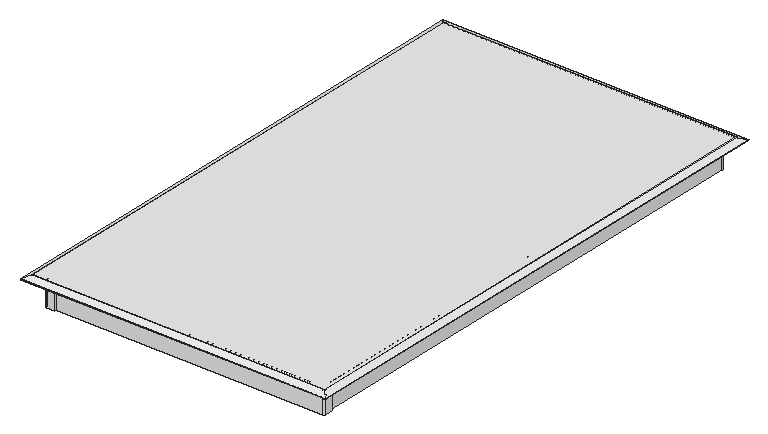
Revit family "Access_Door-Best Access Doors-Contour-BA-UHF-MAG", category Specialty Equipment, host Face, Revit 2017
Family settings
  Host = Face
  Round Connector Dimension = Use Diameter
  Part Type = Normal
  OmniClass Number = 23.30.10.27.17
  Cut with Voids When Loaded = No
  Shared = No
  Room Calculation Point = No
Parameters (values of type "Not a Type - Load Type Catalog")
  Width = 16"
  Version = "2015 V1.0m"  # constant formula
  URL = "http://www.bestaccessdoors.com"
  Type Comments = "Please Load Accompanying .txt File"
  Product data url = "https://bimobject.com/best-access-doors/product/aesthetic-access-door-with-magnetic-flange-drywall"
  Product Page URL = ""
  Product Documentation Link = ""
  Panel Swing [instance] = if(Door Open, 90.00°, 0.00°)  # 0.00°
  Neoprene Gasket Material = Neoprene - Best Access Doors -  Gasket
  Neoprene Gasket = no
  Model = "BA-UHF-MAG"  # constant formula
  Material = ""
  Manufacturer = "Best Access Doors"  # constant formula
  Height = 29"
  Frame Depth = 1 113/256"  # constant formula
  Finish = Metal - Best Access Doors - Powder Coated White
  Width C = if(Width < 6", 6", if(Width > 48", 48", Width))  # 16"
  Door Open [instance] = no
  Height C = if(Height < 6", 6", if(Height > 72", 72", Height))  # 29"
  Door Closed [instance] = not(Door Open)  # yes
  Description = "Access door with hidden Flange & Latch"  # constant formula
  Default Elevation = 0"
  Cut Out Length [instance] = 2"
  Construction Material = Metal - Best Access Doors - Aluminum
  C Cut Out Length [instance] = if(Cut Out Length < Frame Depth, Frame Depth, Cut Out Length)  # 2"
  Available Options = ""
  Assembly Code = "C1020700"
  Actual Width = Width C  # 16"
  Actual Height = Height C  # 29"
Reference planes (in)
  plane 1 "Center (Front/Back)": y = 0
  plane 2 "Back": z = 0
  plane 3 "Center (Left/Right)": x = 0
  plane 4 "Left": x = -8.90625
  plane 5 "Right": x = 8.90625
  plane 6 "Top": y = 15.40625
  plane 7 "Bottom": y = -15.40625
  plane 8: z = 11.8125
  plane 9: z = -2
  plane 10: z = -1.44141
  plane 11: x = 8
  plane 12: x = -8
  plane 13: y = -14.5
  plane 14: y = 14.5
Forms (in)
  Extrusion 1, void
    sketch origin (0, 0, 0) x (1, 0, 0) y (0, 1, 0)
      loop
        line (-8.0625, 14.5625) -> (-8.0625, -14.5625) -> (8.0625, -14.5625) -> (8.0625, 14.5625) -> (-8.0625, 14.5625)
    from -2 to 0
Lines and regions (in)
  Masking region 1
    outline origin (0, 0, 0) x (0, 1, 0) y (0, 0, 1)
      loop
        line (14.5, 0) -> (-14.5, 0) -> (-14.5, -1.44141) -> (14.5, -1.44141) -> (14.5, 0)
  reference lines
    curve 1: line (-8.90625, 0, 0) -> (4.84375, 0, 0)
    curve 2: line (-8.90625, 0, 0) -> (-8.90625, 0, -0.0317)
Dimensions and locks (in)
  "C Cut Out Length": plane 2 "Back" to plane 9
  "Frame Depth": level to plane 10
  equal spacing: plane 4 "Left", plane 3 "Center (Left/Right)", plane 5 "Right"
  equal spacing: plane 6 "Top", plane 1 "Center (Front/Back)", plane 7 "Bottom"
  locked: plane 6 "Top" to plane 14 at 0.90625
  locked: plane 4 "Left" to plane 12 at 0.90625
  equal spacing: plane 13, plane 1 "Center (Front/Back)", plane 14
  equal spacing: plane 12, plane 3 "Center (Left/Right)", plane 11
  "Height C": plane 14 to plane 13
  "Width C": plane 12 to plane 11
  locked: Extrusion 1 sketch curve to plane 14 at 0.0625
  locked: Extrusion 1 sketch curve to plane 12 at 0.0625
  locked: Extrusion 1 sketch curve to plane 13 at 0.0625
  locked: plane 11 to Extrusion 1 sketch curve at 0.0625
  "Panel Swing": angle level to curve 1
  locked: curve 2 to curve 1 (angle 90.00°)
  aligned and locked: plane 2 "Back" to host face
  aligned and locked: level to host face
  aligned and locked: plane 2 "Back" to Extrusion 1
  aligned and locked: Extrusion 1 to plane 9
  aligned and locked: plane 1 "Center (Front/Back)" to nested 1
  aligned and locked: plane 3 "Center (Left/Right)" to nested 1
  aligned and locked: curve 1 to nested 2
  aligned and locked: plane 1 "Center (Front/Back)" to nested 2
  aligned and locked: nested 2 to curve 2
  aligned and locked: Masking region 1 sketch curve to plane 10
  aligned and locked: Masking region 1 sketch curve to plane 13
  aligned and locked: Masking region 1 sketch curve to plane 14
  aligned and locked: Masking region 1 sketch curve to level
Automatic sketch dimensions
  host sketch curve to host sketch curve = 96"  (x2)
  curve 2 to plane 4 "Left" = 0"
  curve 2 to level = 0"
Nested families (in)
  nested 1: "Frame" at (0, 0, 0), type "Frame"
  nested 2: "CTR_Panel" at (-8.90625, 0, 0), type "CTR_Panel"
Definition of nested family "Frame"
  Parameters (values of type "Frame")
    Magnet = none
    Frame Width = 16"
    Frame Height = 29"
    Frame Depth = 1 113/256"
    Finish = none
    Assembly Code = ""
  Reference planes (in)
    plane 1 "Center (Front/Back)": y = 0
    plane 2: z = 0
    plane 3 "Center (Left/Right)": x = 0
    plane 4: y = 15.07801
    plane 5: y = -15.07801
    plane 6: x = -8.57801
    plane 7: x = 8.57801
    plane 8: y = 14.5
    plane 9: y = -14.5
    plane 10: y = 1.5
    plane 11: y = -1.5
    plane 12: z = 0.08622
    plane 13: z = -1.44141
    plane 14: x = -8
    plane 15: x = 8
  Forms (in)
    Extrusion 1, solid, material <- "Finish"
      sketch origin (0, 0, 0) x (1, 0, 0) y (0, 1, 0)
        loop
          line (-8.57801, 14.82801) -> (-8.57801, -14.82801)
          arc (-8.57801, -14.82801) -> (-8.50478, -15.00479) -> (-8.32801, -15.07801) r 0.25
          line (-8.32801, -15.07801) -> (8.32801, -15.07801)
          arc (8.32801, -15.07801) -> (8.50478, -15.00479) -> (8.57801, -14.82801) r 0.25
          line (8.57801, -14.82801) -> (8.57801, 14.82799)
          arc (8.57801, 14.82799) -> (8.50478, 15.00478) -> (8.32799, 15.07801) r 0.25002
          line (8.32799, 15.07801) -> (-8.32801, 15.07801)
          arc (-8.32801, 15.07801) -> (-8.50478, 15.00479) -> (-8.57801, 14.82801) r 0.25
        loop
          line (-8.09401, -14.59401) -> (8.09401, -14.59401) -> (8.09401, 14.59401) -> (-8.09401, 14.59401) -> (-8.09401, -14.59401)
      from 0 to 0.06201
    Sweep 2, solid, material <- "Finish"
      path in 3D
        loop
          line (-8.09401, 14.59401, 0.06201) -> (8.09401, 14.59401, 0.06201) -> (8.09401, -14.59401, 0.06201) -> (-8.09401, -14.59401, 0.06201) -> (-8.09401, 14.59401, 0.06201)
      profile origin (-8.09401, 0, 0.06201) x (-1, 0, 0) y (0, 0, 1)
        loop
          arc (0, 0) -> (-0.06647, -0.02753) -> (-0.09401, -0.09401) r 0.09401
          line (-0.09401, -0.09401) -> (-0.032, -0.09401)
          arc (-0.032, -0.09401) -> (-0.02263, -0.07138) -> (0, -0.06201) r 0.032
          line (0, -0.06201) -> (0, 0)
    Extrusion 3, solid, material <- "Finish"
      sketch origin (0, 0, 0) x (1, 0, 0) y (0, 1, 0)
        loop
          line (-8.10218, 14.00009) -> (-8.094, 14.46856)
          arc (-8.094, 14.46856) -> (-8.08444, 14.49082) -> (-8.06201, 14.5) r 0.032
          line (-8.06201, 14.5) -> (8.016, 14.5) -> (8.016, 14.56201) -> (-8.06201, 14.56201)
          arc (-8.06201, 14.56201) -> (-8.1279, 14.53505) -> (-8.156, 14.46964) r 0.09401
          line (-8.156, 14.46964) -> (-8.16418, 14.00118) -> (-8.10218, 14.00009)
      from -0.032 to -1.44141
    Extrusion 4, solid, material <- "Finish"
      sketch origin (0, 0, 0) x (0, -1, 0) y (1, 0, 0)
        loop
          line (-14.60218, 7.50009) -> (-14.59401, 7.96856)
          arc (-14.59401, 7.96856) -> (-14.58444, 7.99082) -> (-14.56201, 8) r 0.032
          line (-14.56201, 8) -> (14.51601, 8) -> (14.51601, 8.06201) -> (-14.56201, 8.06201)
          arc (-14.56201, 8.06201) -> (-14.6279, 8.03505) -> (-14.656, 7.96964) r 0.09401
          line (-14.656, 7.96964) -> (-14.66418, 7.50117) -> (-14.60218, 7.50009)
      from -0.032 to -1.44141
    Extrusion 5, solid, material <- "Finish"
      sketch origin (0, 0, 0) x (-1, 0, 0) y (0, -1, 0)
        loop
          line (-8.10218, 14.00009) -> (-8.094, 14.46856)
          arc (-8.094, 14.46856) -> (-8.08444, 14.49082) -> (-8.06201, 14.5) r 0.032
          line (-8.06201, 14.5) -> (8.016, 14.5) -> (8.016, 14.56201) -> (-8.06201, 14.56201)
          arc (-8.06201, 14.56201) -> (-8.1279, 14.53505) -> (-8.156, 14.46964) r 0.09401
          line (-8.156, 14.46964) -> (-8.16418, 14.00118) -> (-8.10218, 14.00009)
      from -0.032 to -1.44141
    Extrusion 6, solid, material <- "Finish"
      sketch origin (0, 0, 0) x (0, 1, 0) y (-1, 0, 0)
        loop
          line (-14.60218, 7.50009) -> (-14.59401, 7.96856)
          arc (-14.59401, 7.96856) -> (-14.58444, 7.99082) -> (-14.56201, 8) r 0.032
          line (-14.56201, 8) -> (14.51601, 8) -> (14.51601, 8.06201) -> (-14.56201, 8.06201)
          arc (-14.56201, 8.06201) -> (-14.6279, 8.03505) -> (-14.656, 7.96964) r 0.09401
          line (-14.656, 7.96964) -> (-14.66418, 7.50117) -> (-14.60218, 7.50009)
      from -0.032 to -1.44141
    Extrusion 7, solid, material <- "Magnet"
      sketch origin (0, 0, 0) x (1, 0, 0) y (0, 1, 0)
        loop
          line (7.54595, 0.625) -> (7.54595, -0.625) -> (8, -0.625) -> (8, 0.625) -> (7.54595, 0.625)
      from 0 to 0.08622
    Extrusion 8, solid, material <- "Finish"
      sketch origin (0, 0, 0) x (1, 0, 0) y (0, 0, 1)
        loop
          line (7.54595, 0) -> (7.54595, -0.0625) -> (7.9375, -0.0625) -> (7.9375, -0.46711) -> (8, -0.46711) -> (8, 0) -> (7.54595, 0)
      from -1.5 to 1.5
  Cuts and joins
    joined: Extrusion 1, Sweep 2
    joined: Extrusion 3, Extrusion 5, Extrusion 6
  Lines and regions (in)
    Masking region 1
      outline origin (0, 0, 0) x (1, 0, 0) y (0, 1, 0)
        loop
          line (8.32799, 15.07801) -> (-8.32801, 15.07801)
          arc (-8.32801, 15.07801) -> (-8.50478, 15.00479) -> (-8.57801, 14.82801) r 0.25
          line (-8.57801, 14.82801) -> (-8.57801, -14.82801)
          arc (-8.57801, -14.82801) -> (-8.50478, -15.00479) -> (-8.32801, -15.07801) r 0.25
          line (-8.32801, -15.07801) -> (8.32801, -15.07801)
          arc (8.32801, -15.07801) -> (8.50478, -15.00479) -> (8.57801, -14.82801) r 0.25
          line (8.57801, -14.82801) -> (8.57801, 14.82799)
          arc (8.57801, 14.82799) -> (8.50478, 15.00478) -> (8.32799, 15.07801) r 0.25002
        loop
          line (-8, 14.5) -> (-8, -14.5) -> (8, -14.5) -> (8, 14.5) -> (-8, 14.5)
    Masking region 2, detail levels coarse+medium
      outline origin (0, 0, 0) x (1, 0, 0) y (0, 0, 1)
        loop
          line (-8.57801, -1.44141) -> (8.57801, -1.44141) -> (8.57801, 0.06201) -> (-8.57801, 0.06201) -> (-8.57801, -1.44141)
    Masking region 3, detail levels fine
      outline origin (0, 0, 0) x (1, 0, 0) y (0, 0, 1)
        loop
          line (8.57801, 0.06201) -> (-8.57801, 0.06201) -> (-8.57801, 0) -> (-8.09401, 0)
          arc (-8.09401, 0) -> (-8.07138, -0.00937) -> (-8.06201, -0.032) r 0.032
          line (-8.06201, -0.032) -> (-8.06201, -1.44141) -> (8.06201, -1.44141) -> (8.06201, -0.032)
          arc (8.06201, -0.032) -> (8.07138, -0.00937) -> (8.09401, 0) r 0.032
          line (8.09401, 0) -> (8.57801, 0) -> (8.57801, 0.06201)
    Masking region 4, detail levels medium+fine
      outline origin (0, 0, 0) x (1, 0, 0) y (0, 1, 0)
        loop
          line (7.54595, 1.5) -> (7.54595, -1.5) -> (8, -1.5) -> (8, 1.5) -> (7.54595, 1.5)
    sketch lines
      curve 1: line (-8.09401, -14.59401, 0.06201) -> (-8.09401, 14.59401, 0.06201)
      curve 2: line (-8.09401, 14.59401, 0.06201) -> (8.09401, 14.59401, 0.06201)
      curve 3: line (8.09401, 14.59401, 0.06201) -> (8.09401, -14.59401, 0.06201)
      curve 4: line (8.09401, -14.59401, 0.06201) -> (-8.09401, -14.59401, 0.06201)
    symbolic lines, detail levels fine
      curve 5: line (-8.00561, 0, 0) -> (8.00561, 0, 0)
      curve 6: arc (-8, 0, -0.032) -> (-8.02753, 0, 0.03447) -> (-8.09401, 0, 0.06201) r 0.09401
      curve 7: line (-8, 0, -1.45999) -> (-8, 0, -0.032)
      curve 8: arc (8, 0, -0.03247) -> (8.02737, 0, 0.03431) -> (8.09401, 0, 0.06201) r 0.09401
      curve 9: line (8, 0, -0.03247) -> (8, 0, -1.45999)
      curve 10: line (7.54595, 0.625, 0) -> (8, 0.625, 0)
      curve 11: line (7.54595, -0.625, 0) -> (8, -0.625, 0)
  Dimensions and locks (in)
    equal spacing: plane 4, plane 1 "Center (Front/Back)", plane 5
    locked: plane 8 to plane 4 at 0.57801
    Extrusion 7 sketch curve to plane 1 "Center (Front/Back)" to Extrusion 7 sketch curve = 5/8" locked, 5/8" locked
    Extrusion 7 sketch curve to Extrusion 7 sketch curve to plane 7 = 0.45405" locked, 0.57801" locked
    plane 11 to plane 1 "Center (Front/Back)" to plane 10 = 1 1/2" locked, 1 1/2" locked
    Extrusion 8 sketch curve to Extrusion 8 sketch curve to Extrusion 8 sketch curve to plane 7 = 0.39155" locked, 1/16" locked, 0.57801" locked
    Extrusion 8 sketch curve to plane 2 to Extrusion 8 sketch curve to Extrusion 8 sketch curve = 0" locked, 1/16" locked, 0.40461" locked
    locked: plane 12 to plane 2 at 0.08622
    "Frame Depth": plane 13 to plane 2
    locked: plane 6 to plane 14 at 0.57801
    "Frame Height": plane 9 to plane 8
    equal spacing: plane 9, plane 1 "Center (Front/Back)", plane 8
    equal spacing: plane 14, plane 3 "Center (Left/Right)", plane 15
    equal spacing: plane 6, plane 3 "Center (Left/Right)", plane 7
    "Frame Width": plane 14 to plane 15
    locked: Masking region 4 sketch curve to plane 15 at 0.45405
    aligned and locked: plane 2 to level
    aligned and locked: Masking region 1 sketch curve to cut or joined group of Extrusion 1, Sweep 2  (x4)
    aligned and locked: cut or joined group of Extrusion 1, Sweep 2 to Masking region 2 sketch curve
    aligned and locked: Masking region 2 sketch curve to plane 6
    aligned and locked: Masking region 2 sketch curve to plane 7
    aligned and locked: Masking region 2 sketch curve to cut or joined group of Extrusion 3, Extrusion 5, Extrusion 6
    aligned and locked: Masking region 3 sketch curve to cut or joined group of Extrusion 1, Sweep 2  (x3)
    aligned and locked: Masking region 3 sketch curve to plane 6
    aligned and locked: Masking region 3 sketch curve to plane 7
    aligned and locked: cut or joined group of Extrusion 3, Extrusion 5, Extrusion 6 to Masking region 3 sketch curve
    aligned and locked: Masking region 3 sketch curve to cut or joined group of Extrusion 3, Extrusion 5, Extrusion 6
    aligned and locked: cut or joined group of Extrusion 1, Sweep 2 to curve 5
    aligned and locked: curve 6 to cut or joined group of Extrusion 1, Sweep 2
    aligned and locked: curve 7 to cut or joined group of Extrusion 3, Extrusion 5, Extrusion 6
    aligned and locked: curve 8 to cut or joined group of Extrusion 1, Sweep 2
    aligned and locked: Extrusion 8 to plane 10
    aligned and locked: Extrusion 8 to plane 11
    aligned and locked: Extrusion 7 to plane 2
    aligned and locked: plane 12 to Extrusion 7
    aligned and locked: plane 13 to Extrusion 4
    aligned and locked: Extrusion 4 to Extrusion 3
    aligned and locked: Extrusion 4 to Extrusion 6
    aligned and locked: Extrusion 4 to Extrusion 5
    aligned and locked: plane 15 to Masking region 4 sketch curve
    aligned and locked: plane 10 to Masking region 4 sketch curve
    aligned and locked: plane 11 to Masking region 4 sketch curve
  Automatic sketch dimensions
    curve 9 to level = 0.03247"
    curve 6 to curve 6 = 0"
    curve 8 to curve 8 = 0"
    curve 9 to curve 8 = 1.42752"
    curve 7 to curve 6 = 1.42799"
    curve 7 to level = 0.032"
    curve 6 to curve 7 = 0"
    Extrusion 1 sketch curve to plane 6 = 0"
    plane 5 to Extrusion 1 sketch curve = 0"
    Extrusion 1 sketch curve to plane 4 = 0"
    Extrusion 1 sketch curve to plane 7 = 0"
    Extrusion 1 sketch curve to plane 5 = 1/4"
    plane 6 to Extrusion 1 sketch curve = 1/4"  (x2)
    Extrusion 1 sketch curve to plane 9 = 0.09401"
    Extrusion 1 sketch curve to Extrusion 1 sketch curve = 0.234"
    Extrusion 1 sketch curve to plane 8 = 0.09401"
    plane 7 to Extrusion 1 sketch curve = 0.484"
    plane 7 to Extrusion 1 sketch curve = 1/4"
    Sweep 2 sketch curve to profile plane = 0"  (x2)
    profile plane to Sweep 2 sketch curve = 0.032"
    Sweep 2 sketch curve to Sweep 2 sketch curve = 0.06201"
    profile plane to Sweep 2 sketch curve = 0"  (x2)
    Sweep 2 sketch curve to Sweep 2 sketch curve = 0.032"
    Sweep 2 sketch curve to Sweep 2 sketch curve = 0"
    plane 6 to Extrusion 3 sketch curve = 0.41383"
    plane 8 to Extrusion 3 sketch curve = 0.49991"
    plane 8 to Extrusion 3 sketch curve = 0.03036"
    plane 6 to Extrusion 3 sketch curve = 0.42201"
    Extrusion 3 sketch curve to Extrusion 3 sketch curve = 0.062"  (x2)
    plane 8 to Extrusion 3 sketch curve = 0.03144"
    Extrusion 3 sketch curve to plane 8 = 0.06201"
    Extrusion 3 sketch curve to Extrusion 3 sketch curve = 0.03199"
    Extrusion 3 sketch curve to plane 8 = 0"  (x2)
    Extrusion 3 sketch curve to Extrusion 3 sketch curve = 0"  (x2)
    plane 7 to Extrusion 3 sketch curve = 0.562"
    Extrusion 3 sketch curve to Extrusion 3 sketch curve = 0.00108"
    Extrusion 4 sketch curve to plane 8 = 0.16418"
    Extrusion 4 sketch curve to plane 8 = 0.10218"
    plane 7 to Extrusion 4 sketch curve = 1.07792"
    Extrusion 4 sketch curve to plane 8 = 0.156"
    Extrusion 4 sketch curve to Extrusion 4 sketch curve = 0.062"
    Extrusion 4 sketch curve to plane 8 = 0.06201"
    Extrusion 4 sketch curve to Extrusion 4 sketch curve = 0"  (x2)
    Extrusion 4 sketch curve to plane 9 = 0.01601"
    Extrusion 4 sketch curve to Extrusion 4 sketch curve = 0.00108"  (x2)
    Extrusion 4 sketch curve to Extrusion 4 sketch curve = 0.46847"
    Extrusion 4 sketch curve to Extrusion 4 sketch curve = 0.03144"
    plane 7 to Extrusion 4 sketch curve = 0.57801"
    Extrusion 4 sketch curve to Extrusion 4 sketch curve = 0.06201"
    plane 7 to Extrusion 5 sketch curve = 0.41383"
    plane 9 to Extrusion 5 sketch curve = 0.49991"
    plane 9 to Extrusion 5 sketch curve = 0.03036"
    plane 7 to Extrusion 5 sketch curve = 0.42201"
    Extrusion 5 sketch curve to Extrusion 5 sketch curve = 0.062"  (x2)
    plane 9 to Extrusion 5 sketch curve = 0.03144"
    Extrusion 5 sketch curve to plane 9 = 0.06201"
    Extrusion 5 sketch curve to Extrusion 5 sketch curve = 0.03199"
    Extrusion 5 sketch curve to plane 9 = 0"  (x2)
    Extrusion 5 sketch curve to Extrusion 5 sketch curve = 0"  (x2)
    plane 6 to Extrusion 5 sketch curve = 0.562"
    Extrusion 5 sketch curve to Extrusion 5 sketch curve = 0.00108"
    Extrusion 6 sketch curve to plane 9 = 0.16418"
    Extrusion 6 sketch curve to plane 9 = 0.10218"
    plane 6 to Extrusion 6 sketch curve = 1.07792"
    Extrusion 6 sketch curve to plane 9 = 0.156"
    Extrusion 6 sketch curve to Extrusion 6 sketch curve = 0.062"
    Extrusion 6 sketch curve to plane 9 = 0.06201"
    Extrusion 6 sketch curve to Extrusion 6 sketch curve = 0"  (x2)
    Extrusion 6 sketch curve to plane 8 = 0.01601"
    Extrusion 6 sketch curve to Extrusion 6 sketch curve = 0.00108"  (x2)
    Extrusion 6 sketch curve to Extrusion 6 sketch curve = 0.46847"
    Extrusion 6 sketch curve to Extrusion 6 sketch curve = 0.03144"
    plane 6 to Extrusion 6 sketch curve = 0.57801"
    Extrusion 6 sketch curve to Extrusion 6 sketch curve = 0.06201"
    Masking region 1 sketch curve to plane 8 = 0"  (x2)
    plane 6 to Masking region 1 sketch curve = 0.57801"
    Masking region 1 sketch curve to plane 9 = 0"  (x2)
    Masking region 1 sketch curve to Masking region 1 sketch curve = 0.32801"  (x2)
    Masking region 1 sketch curve to Masking region 1 sketch curve = 0.32799"
    plane 7 to Masking region 3 sketch curve = 0.516"
    Masking region 3 sketch curve to level = 0.032"  (x2)
    Masking region 3 sketch curve to Masking region 3 sketch curve = 0"  (x2)
    plane 15 to curve 11 = 0.45405"
    plane 1 "Center (Front/Back)" to curve 11 = 5/8"
    plane 15 to curve 10 = 0.45405"
    plane 15 to curve 11 = 0"
    plane 15 to curve 10 = 0"
    curve 10 to plane 1 "Center (Front/Back)" = 5/8"
Definition of nested family "CTR_Panel"
  Parameters (values of type "CTR_Panel")
    Panel Width = 16"
    Panel Height = 29"
    Magent = none
    Finish = none
    Default Elevation = 48"
    Assembly Code = ""
  Reference planes (in)
    plane 1 "Center (Front/Back)": y = 0
    plane 2: z = 0
    plane 3 "Center (Left/Right)": x = 0
    plane 4: x = 17.8125
    plane 5: y = 15.40625
    plane 6: y = -15.40625
    plane 7: x = 16.90625
    plane 8: x = 8.90625
    plane 9: x = 0.90625
    plane 10: y = 14.5
    plane 11: y = -14.5
    plane 12: y = 0.625
    plane 13: y = -0.625
  Forms (in)
    Sweep 1, solid, material <- "Finish"
      path origin (6.90603, 0, 0) x (1, 0, 0) y (0, 1, 0)
        loop
          line (-6.90603, -15.40625) -> (10.90647, -15.40625) -> (10.90647, 15.40625) -> (-6.90603, 15.40625) -> (-6.90603, -15.40625)
      profile origin (0, 0, 0) x (-1, 0, 0) y (0, 0, 1)
        loop
          line (-0.02378, 0) -> (0, 0.05727) -> (-0.37173, 0.21165)
          arc (-0.37173, 0.21165) -> (-0.3865, 0.21632) -> (-0.40186, 0.21837) r 0.08913
          line (-0.40186, 0.21837) -> (-0.40186, 0.15636) -> (-0.02378, 0)
    Extrusion 2, solid, material <- "Finish"
      sketch origin (6.90603, 0, 0) x (1, 0, 0) y (0, 1, 0)
        loop
          line (-6.50416, 15.00439) -> (-6.50416, -15.00439) -> (10.50461, -15.00439) -> (10.50461, 15.00439) -> (-6.50416, 15.00439)
      from 0.15636 to 0.21837
    Extrusion 3, solid, material <- "Magent"
      sketch origin (0, 0, 0) x (1, 0, 0) y (0, 0, 1)
        loop
          line (16.90625, 0.08594) -> (16.90625, 0.15636) -> (16.4375, 0.15636) -> (16.4375, 0.08594) -> (16.90625, 0.08594)
      from -0.625 to 0.625
  Cuts and joins
    joined: Sweep 1, Extrusion 2
  Lines and regions (in)
    Masking region 1
      outline origin (0, 0, 0) x (1, 0, 0) y (0, 1, 0)
        loop
          line (0, 15.40625) -> (0, -15.40625) -> (17.8125, -15.40625) -> (17.8125, 15.40625) -> (0, 15.40625)
    Masking region 2, detail levels medium+fine
      outline origin (0, 0, 0) x (1, 0, 0) y (0, 0, 1)
        loop
          line (0.38792, 0.21837) -> (0, 0.05727) -> (0.02378, 0) -> (17.78872, 0) -> (17.8125, 0.05727) -> (17.42458, 0.21837) -> (0.38792, 0.21837)
    Masking region 3, detail levels coarse
      outline origin (0, 0, 0) x (1, 0, 0) y (0, 0, 1)
        loop
          line (0, 0) -> (17.8125, 0) -> (17.8125, 0.21837) -> (0, 0.21837) -> (0, 0)
    symbolic lines, detail levels fine
      curve 1: line (0.40186, 15.00439, 0) -> (17.41064, 15.00439, 0)
      curve 2: line (0.40186, -15.00439, 0) -> (0.40186, 15.00439, 0)
      curve 3: line (17.41064, -15.00439, 0) -> (0.40186, -15.00439, 0)
      curve 4: line (17.41064, 15.00439, 0) -> (17.41064, -15.00439, 0)
      curve 5: line (0, 15.40625, 0) -> (0.40186, 15.00439, 0)
      curve 6: line (17.41064, 15.00439, 0) -> (17.8125, 15.40625, 0)
      curve 7: line (17.41064, -15.00439, 0) -> (17.8125, -15.40625, 0)
      curve 8: line (0.40186, -15.00439, 0) -> (0, -15.40625, 0)
      curve 9: line (0, 0, 0.05727) -> (17.8125, 0, 0.05727)
  Dimensions and locks (in)
    "Panel Width": plane 9 to plane 7
    equal spacing: plane 5, plane 1 "Center (Front/Back)", plane 6
    equal spacing: plane 3 "Center (Left/Right)", plane 8, plane 4
    "Panel Height": plane 11 to plane 10
    equal spacing: plane 10, plane 1 "Center (Front/Back)", plane 11
    equal spacing: plane 9, plane 8, plane 7
    locked: plane 3 "Center (Left/Right)" to plane 9 at 0.90625
    locked: plane 5 to plane 10 at 0.90625
    Extrusion 3 sketch curve to Extrusion 3 sketch curve to plane 2 = 0.07042" locked, 11/128" locked
    plane 7 to Extrusion 3 sketch curve to Extrusion 3 sketch curve = 0" locked, 15/32" locked
    plane 12 to plane 1 "Center (Front/Back)" to plane 13 = 5/8" locked, 5/8" locked
    locked: Masking region 3 sketch curve to plane 2 at 0.21837
    aligned and locked: plane 2 to level
    aligned and locked: Extrusion 2 sketch curve to Sweep 1  (x4)
    aligned and locked: Extrusion 2 to Sweep 1  (x2)
    aligned and locked: plane 4 to Sweep 1
    aligned and locked: Sweep 1 sketch curve to plane 5
    aligned and locked: plane 4 to Sweep 1 sketch curve
    aligned and locked: plane 6 to Sweep 1 sketch curve
    aligned and locked: plane 3 "Center (Left/Right)" to Sweep 1 sketch curve
    aligned and locked: Masking region 1 sketch curve to plane 5
    aligned and locked: plane 6 to Masking region 1 sketch curve
    aligned and locked: plane 3 "Center (Left/Right)" to Masking region 1 sketch curve
    aligned and locked: plane 4 to Masking region 1 sketch curve
    aligned and locked: curve 1 to cut or joined group of Sweep 1, Extrusion 2
    aligned and locked: curve 2 to cut or joined group of Sweep 1, Extrusion 2
    aligned and locked: curve 3 to cut or joined group of Sweep 1, Extrusion 2
    aligned and locked: curve 4 to cut or joined group of Sweep 1, Extrusion 2
    aligned and locked: curve 5 to cut or joined group of Sweep 1, Extrusion 2
    aligned and locked: curve 6 to cut or joined group of Sweep 1, Extrusion 2
    aligned and locked: curve 7 to cut or joined group of Sweep 1, Extrusion 2
    aligned and locked: curve 8 to cut or joined group of Sweep 1, Extrusion 2
    aligned and locked: Masking region 2 sketch curve to cut or joined group of Sweep 1, Extrusion 2  (x5)
    aligned and locked: Masking region 2 sketch curve to level
    aligned and locked: plane 12 to Extrusion 3
    aligned and locked: plane 13 to Extrusion 3
    aligned and locked: Masking region 3 sketch curve to plane 4
    aligned and locked: Masking region 3 sketch curve to plane 2
    aligned and locked: Masking region 3 sketch curve to plane 3 "Center (Left/Right)"
  Automatic sketch dimensions
    Sweep 1 sketch curve to profile plane = 0"  (x2)
    profile plane to Sweep 1 sketch curve = 0.02378"
    profile plane to Sweep 1 sketch curve = 0.37173"
    Sweep 1 sketch curve to Sweep 1 sketch curve = 0.03014"
    Sweep 1 sketch curve to Sweep 1 sketch curve = 0.00405"
    profile plane to Sweep 1 sketch curve = 0.05727"
    Sweep 1 sketch curve to Sweep 1 sketch curve = 0.08231"
    Sweep 1 sketch curve to Sweep 1 sketch curve = 0.02702"
    curve 9 to plane 3 "Center (Left/Right)" = 0"
    plane 4 to curve 9 = 0"
    level to curve 9 = 0.05727"
    curve 8 to plane 3 "Center (Left/Right)" = 0"
    curve 5 to plane 3 "Center (Left/Right)" = 0"
    curve 7 to plane 4 = 0"
    curve 6 to plane 4 = 0"
